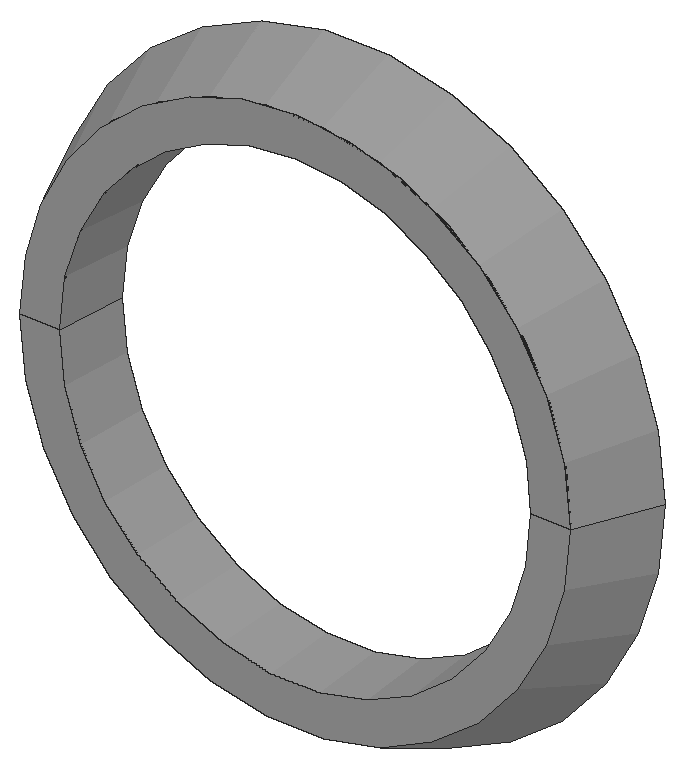
Revit family "VK534", category Sprinklers, Revit 2012
Parameters
  URL = "http://www.vikinggroupinc.com/databook/sprinklers/standard/sr/excov/051393.pdf"
  Model = "VK534"
  Manufacturer = "Viking"
  K-Factor = 11.2
Reference planes (in)
  plane 1 "Center (Front/Back)": y = 0
  plane 2: z = 0
  plane 3 "Center (Left/Right)": x = 0
  plane 4 "Threads": y = -0.57397
Forms (in)
  Revolve 1, solid, material "Default"
    sketch origin (0, 0, 0) x (1, 0, 0) y (0, 1, 0)
      loop
        line (0.51356, -0.87428) -> (0.38272, -0.88573) -> (0.39287, -1.00183) -> (0.45942, -1.00183) -> (0.51356, -0.87428)
      axis (0, -0.87428) -> (0, -1.00183)
    angle from 0 to 360
Dimensions and locks (in)
  aligned and locked: plane 2 to level
Connectors (in)
  piping at (0, -0.57397, 0)
    settings: index 1, connector radius 1", flow factor 0, pipe flow 0 GPM, pressure drop 0.00 psi, fitting loss kfactor 0, connector angle 0.00°, fixture units 0, engagement length 0' - 0", flow configuration 0, flow direction 0, fitting loss method 0, system type 7, joint type 0, gender type 0, connector reference index -1, connector utility 0, adjustable connector no, is connector primary yes, fitting loss table "", connector description ""
